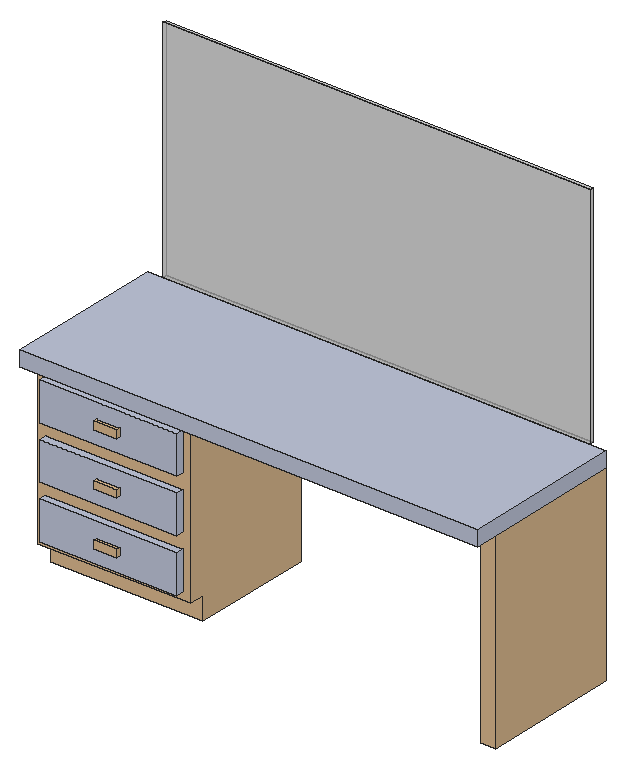
Revit family
Reference planes (in)
  plane 1 "Center F/B": y = 0
  plane 2: z = 0
  plane 3 "Center L/R": x = 0
Forms (in)
  Extrusion 1, solid, material "Wood"
    sketch origin (8.31295, -1.4631, 0) x (1, 0, 0) y (0, 1, 0)
      loop
        line (-38.31295, 10.4631) -> (-38.31295, -7.5369) -> (-18.31295, -7.5369) -> (-18.31295, 10.4631) -> (-38.31295, 10.4631)
    from 0 to 25
  Extrusion 2, void
    sketch origin (8.31295, -17.4631, 0) x (1, 0, 0) y (0, 1, 0)
      loop
        line (-38.31295, 10.4631) -> (-38.31295, 8.4631) -> (-18.31295, 8.4631) -> (-18.31295, 10.4631) -> (-38.31295, 10.4631)
    from 0 to 3
  Extrusion 3, solid, material "Counter top"
    sketch origin (8.31295, -1.4631, 25) x (1, 0, 0) y (0, 1, 0)
      loop
        line (-38.31295, 10.4631) -> (-38.31295, -10.5369) -> (21.68705, -10.5369) -> (21.68705, 10.4631) -> (-38.31295, 10.4631)
    from 0 to 2
  Extrusion 4, solid, material "Wood"
    sketch origin (8.31295, -1.4631, 0) x (1, 0, 0) y (0, 1, 0)
      loop
        line (21.68705, 10.4631) -> (19.68705, 10.4631) -> (19.68705, -7.5369) -> (21.68705, -7.5369) -> (21.68705, 10.4631)
    from 0 to 25
  Extrusion 5, solid, material "Counter top"
    sketch origin (-10, -9, 0) x (-1, 0, 0) y (0, 0, -1)
      loop
        line (19, -23) -> (19, -18) -> (1, -18) -> (1, -23) -> (19, -23)
    from 0 to 1
  Extrusion 6, solid, material "Counter top"
    sketch origin (-10, -9, 0) x (-1, 0, 0) y (0, 0, -1)
      loop
        line (19, -16) -> (19, -11) -> (1, -11) -> (1, -16) -> (19, -16)
    from 0 to 1
  Extrusion 7, solid, material "Counter top"
    sketch origin (-10, -9, 0) x (-1, 0, 0) y (0, 0, -1)
      loop
        line (19, -9) -> (19, -4) -> (1, -4) -> (1, -9) -> (19, -9)
    from 0 to 1
  Extrusion 8, solid, material "Wood"
    sketch origin (-10, -10, 0) x (-1, 0, 0) y (0, 0, -1)
      loop
        line (11.5, -21) -> (11.5, -20) -> (8.5, -20) -> (8.5, -21) -> (11.5, -21)
    from 0 to 0.5
  Extrusion 9, solid, material "Wood"
    sketch origin (-10, -10, -7) x (-1, 0, 0) y (0, 0, -1)
      loop
        line (11.5, -21) -> (11.5, -20) -> (8.5, -20) -> (8.5, -21) -> (11.5, -21)
    from 0 to 0.5
  Extrusion 10, solid, material "Wood"
    sketch origin (-10, -10, -14) x (-1, 0, 0) y (0, 0, -1)
      loop
        line (11.5, -21) -> (11.5, -20) -> (8.5, -20) -> (8.5, -21) -> (11.5, -21)
    from 0 to 0.5
  Extrusion 11, solid, material "Mirror"
    sketch origin (-30, 9, 25) x (1, 0, 0) y (0, 0, -1)
      loop
        line (2, -2) -> (2, -32) -> (58, -32) -> (58, -2) -> (2, -2)
    from 0 to 0.5
Cuts and joins
  Extrusion 2 cuts Extrusion 1
